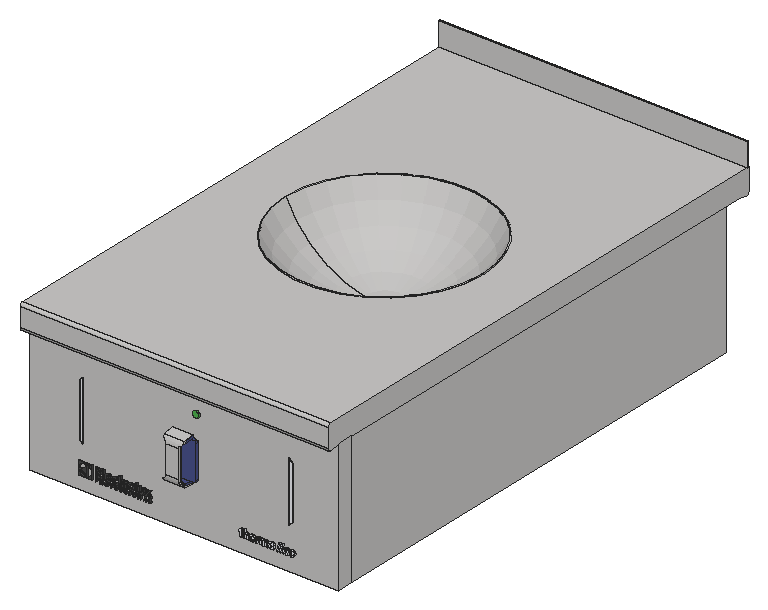
Revit family "QF_ELECTROLUXPROFESSIONAL_588511_MBIHBBEOAO", category Attrezzature speciali, Revit 2020
Family settings
  Quota connettore circolare = Usa diametro
  Tipo di parte = Normale
  Basato su piano di lavoro = No
  Sempre verticale = Sì
  Taglio con vuoti quando caricato = No
  Condiviso = No
  Punto di calcolo locali = No
Parameters (values of type "Standard")
  Weight = 16.00 kg
  Watts = 5000 W
  Volts = 400 V
  URL Manufacturer = "https://www.electroluxprofessional.com/"
  URL = "https://www.electroluxprofessional.com/"
  Steam Supply Size = 0"
  Steam Supply Minimum Pressure = 0.00 psi
  Steam Supply Maximum Pressure = 0.00 psi
  Steam Consumption per Hour = 0
  Refrigeration Suction Line Size = 0 mm
  Refrigeration Liquid Line Size = 0 mm
  Refrigerant Compressor Remote = yes
  Prospetto di default = 0 mm
  Phase = 3
  Modello = "MBIHBBEOAO"
  Produttore = "Electrolux Professional"
  Length Actual = 500 mm  # constant formula
  Item Number = "588511"
  Hot Water Size = 0"
  Height Actual = 250 mm  # constant formula
  HP = "6.7 HP"
  Gas Size = 0"
  Gas KW = 0
  Gas Input Pressure = 0.0 Btu/h
  Direct Waste Size = 0"
  Descrizione = "INDUCTION WOK,1 ZONE,1S,BSPL,500X850X250"
  Depth Actual = 850 mm  # constant formula
  Cycle = 50 Hz
  Condensate Return Size = 0"
  Compressed Air Volume = 0 GPM
  Compressed Air Size = 0"
  Compressed Air Pressure = 0.00 psi
  Cold Water Size = 0"
  Accessory = yes
Reference planes
  plane 1 "BACK": y = 0
  plane 2: z = 0
  plane 3 "LEFT": x = 0
  plane 4 "RIGHT": x = 500
  plane 5 "FRONT": y = -850
  plane 6 "TOP": z = 900
  plane 7 "Center (Left/Right)": x = 250
  plane 8 "Center (Back/Front)": y = -425
  plane 9: y = -150
  plane 10: x = 50
  plane 11: x = 450
  plane 12: y = -100
  plane 13: y = -750
  plane 14 "EIx": x = 455
  plane 15 "EIy": y = -635
  plane 16: z = 938
  plane 17 "BaseTop": z = 650
  plane 18: y = -805
  plane 19 "CenterWok": z = 960
Forms (mm)
  Extrusion 1, solid, material "QF_Finishes_Stainless Steel"
    sketch origin (-178.969, -4572, 100) x (-1, 0, 0) y (0, -1, 0)
      loop
        line (-178.969, -4527) -> (-178.969, -3767) -> (-678.969, -3767) -> (-678.969, -4527) -> (-178.969, -4527)
    from 550 to 762.969
  Extrusion 2, solid, material "QF_Finishes_Stainless Steel"
    sketch origin (0, 0, 650) x (-1, 0, 0) y (0, -1, 0)
      loop
        circle (-455, 635) r 6.35
    from 0 to -11.851
  Extrusion 3, solid, material "QF_Finishes_Stainless Steel"
    sketch origin (250, 296.4, 1219.2) x (0, 1, 0) y (0, 0, 1)
      loop
        line (-296.4, -319.2) -> (-1141.4, -319.2)
        arc (-1141.4, -319.2) -> (-1144.935, -320.664) -> (-1146.4, -324.2) r 5
        line (-1146.4, -324.2) -> (-1146.4, -355.2)
        arc (-1146.4, -355.2) -> (-1144.971, -358.264) -> (-1141.705, -359.139) r 4
        line (-1141.705, -359.139) -> (-1126.4, -356.231) -> (-316.4, -356.231) -> (-301.094, -359.139)
        arc (-301.094, -359.139) -> (-297.829, -358.264) -> (-296.4, -355.2) r 4
        line (-296.4, -355.2) -> (-296.4, -319.2)
    from -250 to 250
  Extrusion 4, solid, material "QF_Finishes_Stainless Steel"
    sketch origin (250, 296.4, 1219.2) x (0, 1, 0) y (0, 0, 1)
      loop
        line (-296.4, -319.2) -> (-296.4, -281.2) -> (-298.4, -281.2) -> (-298.4, -319.2) -> (-296.4, -319.2)
    from 250 to -250
  Revolve 5, void
    sketch origin (0, -425, 0) x (-1, 0, 0) y (0, 0, 1)
      loop
        line (-250, 900) -> (-250, 796.046)
        arc (-250, 796.046) -> (-154.368, 824.304) -> (-89.452, 900) r 175.954
        line (-89.452, 900) -> (-250, 900)
      axis (-250, 900) -> (-250, 796.046)
    angle from 0 to 360
  Revolve 6, solid, material "QF_Finishes_Stainless Steel"
    sketch origin (0, -425, 0) x (-1, 0, 0) y (0, 0, 1)
      loop
        arc (-90.643, 900) -> (-155.214, 825.214) -> (-250, 797.321) r 175
        line (-250, 797.321) -> (-250, 796.321)
        arc (-250, 796.321) -> (-154.482, 824.496) -> (-89.546, 900) r 176
        line (-89.546, 900) -> (-90.643, 900)
      axis (-250, 796.321) -> (-250, 900)
    angle from 0 to 360
Cuts and joins
  Revolve 5 cuts Extrusion 3
  Revolve 5 cuts Extrusion 1
Lines and regions (mm)
  symbolic lines
    curve 1: line (0, 0, 100) -> (500, 0, 100)
    curve 2: line (0, -850, 100) -> (0, 0, 100)
    curve 3: line (500, -850, 100) -> (0, -850, 100)
    curve 4: line (500, 0, 100) -> (500, -850, 100)
    curve 5: line (0, -2, 0) -> (500, -2, 0)
    curve 6: circle (250, -425, 0) r 160 normal (0, 0, 1)
Dimensions and locks
  plane 3 "LEFT" to plane 4 "RIGHT" = 500 mm
  locked: plane 5 "FRONT" to plane 1 "BACK" at 850
  equal spacing: plane 3 "LEFT", plane 7 "Center (Left/Right)", plane 4 "RIGHT"
  equal spacing: plane 5 "FRONT", plane 8 "Center (Back/Front)", plane 1 "BACK"
  plane 6 "TOP" to level = 900 mm  (x2)
  plane 1 "BACK" to plane 9 = 150 mm
  plane 1 "BACK" to Extrusion 2 = 635 mm
  locked: plane 14 "EIx" to plane 4 "RIGHT" at 45
  locked: plane 15 "EIy" to plane 1 "BACK" at 635
  plane 16 to plane 6 "TOP" = 38 mm
  locked: plane 12 to plane 1 "BACK" at 100
  locked: plane 5 "FRONT" to plane 13 at 100
  plane 3 "LEFT" to plane 10 = 50 mm
  plane 11 to plane 4 "RIGHT" = 50 mm
  locked: plane 6 "TOP" to plane 17 "BaseTop" at 250
  locked: plane 18 to plane 5 "FRONT" at 45
  plane 19 "CenterWok" to plane 6 "TOP" = 60 mm
  aligned and locked: level to plane 2
  aligned and locked: nested 1 to plane 18
  aligned and locked: Extrusion 1 to plane 18
  aligned and locked: Extrusion 4 to plane 3 "LEFT"
  aligned and locked: Extrusion 4 to plane 4 "RIGHT"
  aligned and locked: plane 3 "LEFT" to nested 1
Automatic sketch dimensions
  Extrusion 3 sketch curve to plane 5 "FRONT" = 0 mm
  Extrusion 3 sketch curve to plane 6 "TOP" = 0 mm
  Extrusion 3 sketch curve to plane 1 "BACK" = 0 mm
  Extrusion 3 sketch curve to plane 5 "FRONT" = 4 mm
  Extrusion 3 sketch curve to Extrusion 3 sketch curve = 0.695 mm
  Extrusion 3 sketch curve to plane 5 "FRONT" = 5 mm
  Extrusion 3 sketch curve to Extrusion 3 sketch curve = 15.305 mm
  plane 1 "BACK" to Extrusion 3 sketch curve = 20 mm
  plane 1 "BACK" to Extrusion 3 sketch curve = 4.695 mm
  Extrusion 3 sketch curve to Extrusion 3 sketch curve = 4 mm
  Extrusion 3 sketch curve to Extrusion 3 sketch curve = 31 mm
  Extrusion 3 sketch curve to plane 6 "TOP" = 36 mm
  Extrusion 3 sketch curve to Extrusion 3 sketch curve = 2.909 mm
  Extrusion 1 sketch curve to plane 4 "RIGHT" = 0 mm
  Extrusion 1 sketch curve to plane 3 "LEFT" = 0 mm
  plane 1 "BACK" to Extrusion 1 sketch curve = 45 mm
  plane 1 "BACK" to curve 1 = 0 mm
  curve 1 to plane 4 "RIGHT" = 0 mm
  curve 2 to plane 3 "LEFT" = 0 mm
  plane 5 "FRONT" to curve 3 = 0 mm
  Extrusion 2 sketch curve to plane 14 "EIx" = 0 mm
  Extrusion 2 sketch curve to plane 15 "EIy" = 0 mm
  Extrusion 1 sketch curve to plane 5 "FRONT" = 45 mm
  Extrusion 4 sketch curve to plane 6 "TOP" = 0 mm
  Extrusion 4 sketch curve to plane 16 = 0 mm
  Extrusion 4 sketch curve to plane 1 "BACK" = 0 mm
  Extrusion 4 sketch curve to Extrusion 4 sketch curve = 2 mm
  curve 5 to plane 3 "LEFT" = 0 mm
  curve 6 to plane 7 "Center (Left/Right)" = 0 mm
  curve 5 to plane 4 "RIGHT" = 0 mm
  curve 6 to plane 8 "Center (Back/Front)" = 0 mm
  plane 1 "BACK" to curve 5 = 2 mm
  Revolve 5 sketch curve to plane 7 "Center (Left/Right)" = 0 mm  (x2)
  Revolve 5 sketch curve to Revolve 5 sketch curve = 170 mm
  plane 3 "LEFT" to Revolve 5 sketch curve = 89.452 mm
  Revolve 6 sketch curve to Revolve 6 sketch curve = 0 mm  (x2)
  Revolve 6 sketch curve to plane 7 "Center (Left/Right)" = 0 mm  (x2)
  Revolve 6 sketch curve to plane 6 "TOP" = 0 mm
  Revolve 6 sketch curve to plane 10 = 40.643 mm
  Revolve 6 sketch curve to Revolve 6 sketch curve = 1.098 mm
  Revolve 6 sketch curve to plane 6 "TOP" = 102.679 mm
  Revolve 6 sketch curve to Revolve 6 sketch curve = 3.331 mm
  plane 16 to Revolve 6 sketch curve = 2.653 mm
  Revolve 5 sketch curve to plane 6 "TOP" = 0 mm
  plane 19 "CenterWok" to Revolve 5 sketch curve = 12 mm
  Revolve 5 sketch curve to Revolve 5 sketch curve = 0 mm
  radius of Extrusion 2 sketch curve = 6.35 mm
  radius of curve 6 = 160 mm
Nested families
  nested 1: "Front_Panel_W500_Center Knobs_Spie" at (52.376, -805, 0), type "Front_Panel_W500_Center Knobs_Spie"
Connectors
  electrical at (455, -635, 638.149)
    settings: on Extrusion 2, index 1, voltage 400 V, apparent load 33000 VA, apparent load phase1 0 VA, apparent load phase2 0 VA, apparent load phase3 0 VA, power factor 1, load classification "Other", number of poles 1, system type 30, power factor state 1, is connector primary yes, connector utility no, sub classification motor no, connector description "ELECTRICAL CONNECTION"
Definition of nested family "Front_Panel_W500_Center Knobs_Spie"
  Parameters
    Default Elevation = 0 mm
  Reference planes
    plane 1 "Center (Front/Back)": y = 0
    plane 2: z = 0
    plane 3 "Center (Left/Right)": x = 197.624
    plane 4 "Left": x = -52.376
    plane 5 "Right": x = 447.624
    plane 6: y = -45
    plane 7 "Panel": y = -25
  Forms (mm)
    Extrusion 1, solid
      sketch origin (833.217, 829.203, -1.25) x (0, 1, 0) y (0, 0, 1)
        loop
          line (-854.203, 651.25) -> (-829.203, 651.25) -> (-829.203, 864.25) -> (-854.203, 864.25) -> (-854.203, 651.25)
      from -885.593 to -385.593
    Extrusion 2, void
      sketch origin (0, -25, -10) x (0, 0, 1) y (-1, 0, 0)
        loop
          line (731.866, -27.624) -> (726.866, -32.624) -> (823.866, -32.624) -> (818.866, -27.624) -> (731.866, -27.624)
        loop
          line (731.866, -372.624) -> (818.866, -372.624) -> (823.866, -367.624) -> (726.866, -367.624) -> (731.866, -372.624)
      from 0 to -2
    Extrusion 3, solid
      sketch origin (230, -25, 1.163) x (0, 0, 1) y (-1, 0, 0)
        loop
          circle (824.337, 12.376) r 5
      from 0 to 1.7
    Extrusion 4, solid
      sketch origin (0, -25, -10) x (0, 0, 1) y (-1, 0, 0)
        loop
          line (731.866, -27.624) -> (726.866, -32.624) -> (823.866, -32.624) -> (818.866, -27.624) -> (731.866, -27.624)
        loop
          line (726.866, -367.624) -> (731.866, -372.624) -> (818.866, -372.624) -> (823.866, -367.624) -> (726.866, -367.624)
      from 0 to -2
  Cuts and joins
    Extrusion 2 cuts Extrusion 1
  Dimensions and locks
    equal spacing: plane 5 "Right", plane 3 "Center (Left/Right)", plane 4 "Left"
    plane 5 "Right" to plane 4 "Left" = 500 mm
    aligned and locked: cut or joined group of Extrusion 1, Extrusion 2 to plane 4 "Left"
    aligned and locked: plane 5 "Right" to cut or joined group of Extrusion 1, Extrusion 2
  Automatic sketch dimensions
    Extrusion 1 sketch curve to plane 7 "Panel" = 0 mm
    Extrusion 1 sketch curve to plane 1 "Center (Front/Back)" = 0 mm
    Extrusion 2 sketch curve to Extrusion 2 sketch curve = 5 mm  (x6)
    Extrusion 4 sketch curve to Extrusion 4 sketch curve = 5 mm  (x6)
    Extrusion 2 sketch curve to plane 5 "Right" = 80 mm
    Extrusion 4 sketch curve to plane 5 "Right" = 80 mm
    plane 4 "Left" to Extrusion 2 sketch curve = 85 mm
    plane 4 "Left" to Extrusion 4 sketch curve = 85 mm
    level to Extrusion 1 sketch curve = 650 mm
    Extrusion 1 sketch curve to Extrusion 1 sketch curve = 213 mm
    level to Extrusion 2 sketch curve = 716.866 mm
    Extrusion 2 sketch curve to Extrusion 2 sketch curve = 0 mm
    Extrusion 2 sketch curve to Extrusion 2 sketch curve = 87 mm  (x2)
    level to Extrusion 3 sketch curve = 825.5 mm
    level to Extrusion 4 sketch curve = 716.866 mm
    Extrusion 4 sketch curve to Extrusion 4 sketch curve = 0 mm
    Extrusion 4 sketch curve to Extrusion 4 sketch curve = 87 mm  (x2)
    plane 3 "Center (Left/Right)" to Extrusion 3 sketch curve = 20 mm
    radius of Extrusion 3 sketch curve = 5 mm
  Nested families
    nested 1: "Range Control Handle" at (197.624, -28.137, -209.113) x (-1, 0, 0) z (0, 0, 1), type "Range Control Handle"
    nested 2: "ELX_ThermaLine_Small" at (328.825, -25, 679.391) x (1, 0, 0) z (0, -1, 0), type "ELX_ThermaLine_Small"
      with Show Logo yes, Material_Logo none
    nested 3: "ELX_Professional_Logo_Small" at (87.097, -25, 681.624) x (1, 0, 0) z (0, -1, 0), type "ELX_Professional_Logo_Small"
      with Show Logo yes, Material_Logo none
  Definition of nested family "Range Control Handle"
    Parameters
      Default Elevation = 0 mm
    Reference planes
      plane 1 "Center (Front/Back)": y = 0
      plane 2: z = 0
      plane 3 "Center (Left/Right)": x = 0
      plane 4: z = 971.092
      plane 5: y = -16.9
    Forms (mm)
      Extrusion 1, solid
        sketch origin (-746.28, 380.497, 208.931) x (-1, 0, 0) y (0, 0, 1)
          loop
            line (-770.101, 786.798) -> (-770.101, 731.649)
            arc (-770.101, 731.649) -> (-769.759, 730.563) -> (-768.855, 729.87) r 1.893
            line (-768.855, 729.87) -> (-763.474, 727.911) -> (-729.81, 727.911) -> (-724.428, 729.87)
            arc (-724.428, 729.87) -> (-723.525, 730.563) -> (-723.183, 731.649) r 1.893
            line (-723.183, 731.649) -> (-723.183, 786.798)
            arc (-723.183, 786.798) -> (-723.529, 787.894) -> (-724.44, 788.593) r 1.91
            line (-724.44, 788.593) -> (-729.683, 790.819) -> (-763.601, 790.819) -> (-768.844, 788.593)
            arc (-768.844, 788.593) -> (-769.755, 787.894) -> (-770.101, 786.798) r 1.91
        from -382.35 to -378.852
      Sweep 2, solid
        path origin (-746.788, 380.496, 208.091) x (0, -1, 0) y (0, 0, 1)
          loop
            line (379.775, 793.281) -> (395.661, 791.048)
            arc (395.661, 791.048) -> (397.781, 787.377) -> (398.517, 783.202) r 12.207
            line (398.517, 783.202) -> (398.517, 737.368)
            arc (398.517, 737.368) -> (397.781, 733.193) -> (395.661, 729.522) r 12.207
            line (395.661, 729.522) -> (379.775, 727.289)
        profile origin (-746.788, -7.222, 1000.256) x (0, -0.139173, 0.990268) y (-1, 0, 0)
          loop
            line (0.782, -763.123) -> (0.782, -730.907) -> (-1.322, -730.907) -> (-1.322, -763.123) -> (0.782, -763.123)
      Sweep 3, solid
        path origin (-746.788, 380.715, 207.832) x (0, -1, 0) y (0, 0, 1)
          loop
            line (380.478, 795.442) -> (397.218, 793.09)
            arc (397.218, 793.09) -> (399.929, 788.473) -> (400.871, 783.202) r 15.207
            line (400.871, 783.202) -> (400.871, 737.584)
            arc (400.871, 737.584) -> (399.914, 732.274) -> (397.164, 727.633) r 15.207
            line (397.164, 727.633) -> (380.601, 725.305)
        profile origin (-746.788, -8.132, 1002.099) x (0, -0.139173, 0.990268) y (-1, 0, 0)
          loop
            line (0.782, -763.123) -> (0.782, -730.907) -> (-1.322, -730.907) -> (-1.322, -763.123) -> (0.782, -763.123)
      Extrusion 4, void
        sketch origin (889.253, 220.666, 207.993) x (1, 0, 0) y (0, 0, 1)
          loop
            line (-943.038, 816.854) -> (-943.038, 703.686) -> (-899.466, 734.196) -> (-899.466, 786.344) -> (-943.038, 816.854)
        from 230.636 to 242.25
      Extrusion 5, void
        sketch origin (-888.8, 220.666, 207.993) x (-1, 0, 0) y (0, 0, -1)
          loop
            line (-943.038, -816.854) -> (-899.466, -786.344) -> (-899.466, -734.196) -> (-943.038, -703.686) -> (-943.038, -816.854)
        from 230.636 to 242.25
      Extrusion 6, solid
        sketch origin (0, 0, 0) x (1, 0, 0) y (0, 0, 1)
          loop
            circle (0, 971.092) r 7.736
        from -3.137 to -1.645
    Cuts and joins
      Extrusion 4, Extrusion 5 cuts Sweep 3
      Extrusion 4, Extrusion 5 cuts Sweep 2
      joined: Extrusion 1, Extrusion 6
    Lines and regions (mm)
      symbolic lines
        curve 1: line (16.334, -16.9, 0) -> (16.334, -19.227, 0)
        curve 2: spline (16.334, -19.227, 0) -> (15.87, -19.385, 0) -> (15.404, -19.536, 0) -> (14.936, -19.678, 0) -> (14.466, -19.813, 0) -> (13.995, -19.94, 0) -> (13.523, -20.059, 0) -> (13.049, -20.171, 0) -> (12.575, -20.274, 0) -> (12.099, -20.37, 0) -> (11.622, -20.458, 0) -> (11.144, -20.537, 0) -> (10.666, -20.609, 0)
        curve 3: line (10.666, -16.9, 0) -> (10.666, -20.938, 0)
        curve 4: line (-10.213, -20.938, 0) -> (10.666, -20.938, 0)
        curve 5: line (-10.213, -20.938, 0) -> (-10.213, -16.9, 0)
        curve 6: spline (-10.213, -20.609, 0) -> (-10.691, -20.537, 0) -> (-11.169, -20.458, 0) -> (-11.646, -20.37, 0) -> (-12.122, -20.274, 0) -> (-12.597, -20.171, 0) -> (-13.07, -20.059, 0) -> (-13.542, -19.94, 0) -> (-14.013, -19.813, 0) -> (-14.483, -19.678, 0) -> (-14.951, -19.536, 0) -> (-15.417, -19.385, 0) -> (-15.881, -19.227, 0)
        curve 7: line (-15.881, -19.227, 0) -> (-15.881, -16.9, 0)
  Definition of nested family "ELX_ThermaLine_Small"
    Parameters
      Show Logo [instance] = yes
      Material_Logo [instance] = none
      Default Elevation = 0 mm
    Reference planes
      plane 1 "Centro (Fronte/Retro)": y = 0
      plane 2: z = 0
      plane 3 "Centro (Sinistra/Destra)": x = 0
    Forms (mm)
      Extrusion 1, solid
        sketch origin (0, 0, 0) x (1, 0, 0) y (0, 1, 0)
          loop
            line (-1219.2, 1219.2) -> (-1219.2, -1219.2) -> (1219.2, -1219.2) -> (1219.2, 1219.2) -> (-1219.2, 1219.2)
        from 0 to -304.8
      Extrusion 2, solid
        sketch origin (0, 0, 0) x (1, 0, 0) y (0, 1, 0)
          loop
            line (-37.494, 1.229) -> (-35.908, 1.229) -> (-35.908, 3.066) -> (-37.494, 3.066) -> (-37.494, 6.221) -> (-39.867, 4.881) -> (-39.867, 3.066) -> (-40.969, 3.066) -> (-40.969, 1.229) -> (-39.867, 1.229) -> (-39.867, -3.407)
            arc (-39.867, -3.407) -> (-38.982, -5.513) -> (-36.751, -6.001) r 2.478
            line (-36.751, -6.001) -> (-35.638, -5.7) -> (-35.9, -3.835) -> (-36.661, -4.039)
            arc (-36.661, -4.039) -> (-37.236, -3.924) -> (-37.494, -3.399) r 0.662
            line (-37.494, -3.399) -> (-37.494, 1.229)
          loop
            line (-34.242, 6.539) -> (-34.242, -5.848) -> (-31.854, -5.848) -> (-31.854, -0.078)
            arc (-31.854, -0.078) -> (-30.939, 1.249) -> (-29.33, 1.367) r 1.866
            arc (-29.33, 1.367) -> (-28.695, 0.768) -> (-28.461, -0.073) r 1.627
            line (-28.461, -0.073) -> (-28.461, -5.848) -> (-26.086, -5.848) -> (-26.064, -0.46)
            arc (-26.064, -0.46) -> (-26.261, 0.932) -> (-26.786, 2.237) r 5.825
            arc (-26.786, 2.237) -> (-29.381, 3.264) -> (-31.854, 1.971) r 3.353
            line (-31.854, 1.971) -> (-31.854, 6.539) -> (-34.242, 6.539)
          loop
            arc (-18.398, -0.598) -> (-18.893, 0.879) -> (-20.326, 1.487) r 1.897
            arc (-20.326, 1.487) -> (-21.461, 0.708) -> (-21.897, -0.598) r 2.164
            line (-21.897, -0.598) -> (-18.398, -0.598)
          loop
            arc (-16.021, -2.044) -> (-16.754, 1.227) -> (-19.444, 3.226) r 4.814
            arc (-19.444, 3.226) -> (-22.137, 2.788) -> (-23.943, 0.743) r 4.054
            arc (-23.943, 0.743) -> (-24.382, -1.249) -> (-24.162, -3.276) r 6.289
            arc (-24.162, -3.276) -> (-23.302, -4.71) -> (-21.958, -5.705) r 4.28
            arc (-21.958, -5.705) -> (-18.558, -5.814) -> (-16.152, -3.409) r 4.28
            line (-16.152, -3.409) -> (-18.5, -2.995)
            arc (-18.5, -2.995) -> (-19.273, -3.994) -> (-20.533, -4.076) r 1.536
            arc (-20.533, -4.076) -> (-21.56, -3.281) -> (-21.958, -2.044) r 2.197
            line (-21.958, -2.044) -> (-16.021, -2.044)
          loop
            line (-14.165, -5.848) -> (-11.819, -5.848) -> (-11.819, -2.138)
            arc (-11.819, -2.138) -> (-11.787, -1.156) -> (-11.637, -0.185) r 8.18
            arc (-11.637, -0.185) -> (-10.644, 0.972) -> (-9.132, 0.776) r 1.603
            line (-9.132, 0.776) -> (-8.419, 2.846)
            arc (-8.419, 2.846) -> (-10.432, 3.118) -> (-11.994, 1.821) r 2.527
            line (-11.994, 1.821) -> (-11.994, 3.094) -> (-14.165, 3.094) -> (-14.165, -5.848)
          loop
            line (-7.579, 3.094) -> (-7.579, -5.848) -> (-5.178, -5.848) -> (-5.178, -0.756)
            arc (-5.178, -0.756) -> (-4.727, 0.679) -> (-3.417, 1.419) r 2.05
            arc (-3.417, 1.419) -> (-2.499, 0.908) -> (-2.155, -0.085) r 1.471
            line (-2.155, -0.085) -> (-2.155, -5.848) -> (0.23, -5.848) -> (0.23, -1.001)
            arc (0.23, -1.001) -> (0.47, 0.127) -> (1.148, 1.061) r 2.775
            arc (1.148, 1.061) -> (2.225, 1.329) -> (3.05, 0.587) r 1.182
            arc (3.05, 0.587) -> (3.199, -0.019) -> (3.214, -0.642) r 2.894
            line (3.214, -0.642) -> (3.214, -5.848) -> (5.601, -5.848) -> (5.601, 0.261)
            arc (5.601, 0.261) -> (4.87, 2.263) -> (2.976, 3.241) r 2.932
            arc (2.976, 3.241) -> (1.284, 2.973) -> (-0.047, 1.896) r 3.309
            arc (-0.047, 1.896) -> (-1.116, 2.865) -> (-2.506, 3.258) r 3.16
            arc (-2.506, 3.258) -> (-4.105, 2.942) -> (-5.376, 1.92) r 3.419
            line (-5.376, 1.92) -> (-5.376, 3.094) -> (-7.579, 3.094)
          loop
            line (7.583, 0.738) -> (9.702, 0.364)
            arc (9.702, 0.364) -> (11.441, 1.492) -> (12.855, -0.023) r 1.613
            line (12.855, -0.023) -> (9.782, -0.789)
            arc (9.782, -0.789) -> (8.559, -1.346) -> (7.617, -2.305) r 3.687
            arc (7.617, -2.305) -> (7.499, -3.681) -> (7.901, -5.003) r 3.651
            arc (7.901, -5.003) -> (9.107, -5.766) -> (10.515, -6.006) r 3.635
            arc (10.515, -6.006) -> (11.898, -5.697) -> (13.067, -4.895) r 3.734
            line (13.067, -4.895) -> (13.376, -5.848) -> (15.75, -5.848) -> (15.212, -4.193) -> (15.212, 0.38)
            arc (15.212, 0.38) -> (14.897, 1.849) -> (13.818, 2.895) r 2.585
            arc (13.818, 2.895) -> (11.792, 3.442) -> (9.719, 3.11) r 5.005
            arc (9.719, 3.11) -> (8.369, 2.178) -> (7.583, 0.738) r 3.54
          loop
            line (19.723, -5.848) -> (22.233, -5.848) -> (24.854, 6.484) -> (22.345, 6.484) -> (19.723, -5.848)
          loop
            line (24.583, -5.848) -> (26.953, -5.848) -> (28.848, 3.066) -> (26.478, 3.066) -> (24.583, -5.848)
          loop
            line (27.204, 6.484) -> (26.741, 4.305) -> (29.111, 4.305) -> (29.575, 6.484) -> (27.204, 6.484)
          loop
            line (29.355, -5.848) -> (31.849, -5.848) -> (33.098, 0.028)
            arc (33.098, 0.028) -> (34.169, 1.306) -> (35.832, 1.422) r 2.132
            arc (35.832, 1.422) -> (36.324, 0.752) -> (36.383, -0.078) r 1.5
            line (36.383, -0.078) -> (35.157, -5.848) -> (37.536, -5.848) -> (38.936, 0.738)
            arc (38.936, 0.738) -> (38.775, 2.091) -> (37.825, 3.066) r 2.118
            arc (37.825, 3.066) -> (35.392, 3.175) -> (33.295, 1.937) r 4.271
            line (33.295, 1.937) -> (33.535, 3.066) -> (31.25, 3.066) -> (29.355, -5.848)
          loop
            line (42.792, -0.64) -> (46.589, -0.64)
            arc (46.589, -0.64) -> (46.639, 0.124) -> (46.327, 0.823) r 1.589
            arc (46.327, 0.823) -> (45.117, 1.521) -> (43.762, 1.183) r 1.865
            arc (43.762, 1.183) -> (43.141, 0.344) -> (42.792, -0.64) r 3.538
          loop
            line (42.565, -2.138) -> (48.593, -2.138)
            arc (48.593, -2.138) -> (48.58, 0.597) -> (46.983, 2.818) r 4.494
            arc (46.983, 2.818) -> (44.191, 3.28) -> (41.725, 1.891) r 4.26
            arc (41.725, 1.891) -> (40.503, -0.3) -> (40.284, -2.799) r 6.003
            arc (40.284, -2.799) -> (40.959, -4.468) -> (42.377, -5.576) r 3.482
            arc (42.377, -5.576) -> (44.265, -5.961) -> (46.152, -5.576) r 4.823
            arc (46.152, -5.576) -> (47.432, -4.731) -> (48.328, -3.485) r 4.245
            line (48.328, -3.485) -> (46.168, -3.105)
            arc (46.168, -3.105) -> (45.214, -4.072) -> (43.859, -4.181) r 1.953
            arc (43.859, -4.181) -> (42.821, -3.408) -> (42.565, -2.138) r 1.81
          loop
            line (12.868, -1.553) -> (10.216, -2.214)
            arc (10.216, -2.214) -> (9.747, -3.136) -> (10.216, -4.058) r 1.14
            arc (10.216, -4.058) -> (11.537, -4.249) -> (12.614, -3.46) r 1.763
            arc (12.614, -3.46) -> (12.858, -2.522) -> (12.868, -1.553) r 3.97
        from 0 to 1.6
    Dimensions and locks
      aligned and locked: plane 2 to Extrusion 1
      aligned and locked: level to Extrusion 1
  Definition of nested family "ELX_Professional_Logo_Small"
    Parameters
      Show Logo [instance] = yes
      Material_Logo [instance] = none
      Default Elevation = 0 mm
    Reference planes
      plane 1 "Centro (Fronte/Retro)": y = 0
      plane 2: z = 0
      plane 3 "Centro (Sinistra/Destra)": x = 0
    Forms (mm)
      Extrusion 1, solid
        sketch origin (0, 0, 0) x (1, 0, 0) y (0, 1, 0)
          loop
            line (-1219.2, 1219.2) -> (-1219.2, -1219.2) -> (1219.2, -1219.2) -> (1219.2, 1219.2) -> (-1219.2, 1219.2)
        from 0 to -304.8
      Extrusion 2, solid, material <- "Material_Logo"
        sketch origin (15.5, 0, 0) x (1, 0, 0) y (0, 1, 0)
          loop
            spline (-42.99, -1.24) -> (-43.195, -1.231) -> (-43.415, -1.203) -> (-43.642, -1.152) -> (-43.87, -1.074) -> (-44.095, -0.966) -> (-44.309, -0.825) -> (-44.506, -0.647) -> (-44.681, -0.429) -> (-44.828, -0.167) -> (-44.94, 0.142) -> (-45.011, 0.501) -> (-45.037, 0.915)
            line (-45.037, 0.915) -> (-45.037, 2.748) -> (-38.984, 2.748) -> (-38.984, 5.086) -> (-45.038, 5.086) -> (-45.038, 8.489) -> (-38.599, 8.489) -> (-38.599, 10.82) -> (-47.515, 10.82) -> (-47.515, 1.021)
            spline (-47.515, 1.021) -> (-47.493, 0.418) -> (-47.425, -0.15) -> (-47.311, -0.682) -> (-47.15, -1.175) -> (-46.939, -1.628) -> (-46.678, -2.038) -> (-46.365, -2.404) -> (-46, -2.723) -> (-45.58, -2.995) -> (-45.105, -3.216) -> (-44.573, -3.385) -> (-43.983, -3.499)
            line (-43.983, -3.499) -> (-43.01, -3.569) -> (-38.426, -3.569) -> (-38.426, -1.24) -> (-42.99, -1.24)
          loop
            line (-36.666, 4.021) -> (-36.666, -3.573) -> (-34.188, -3.573) -> (-34.188, 10.824) -> (-36.666, 10.824) -> (-36.666, 4.021)
          loop
            spline (-21.915, 1.897) -> (-21.957, 2.615) -> (-22.082, 3.303) -> (-22.285, 3.955) -> (-22.563, 4.564) -> (-22.913, 5.124) -> (-23.331, 5.629) -> (-23.814, 6.074) -> (-24.359, 6.451) -> (-24.961, 6.755) -> (-25.618, 6.98) -> (-26.326, 7.119) -> (-27.081, 7.167)
            spline (-27.081, 7.167) -> (-27.853, 7.122) -> (-28.586, 6.99) -> (-29.275, 6.774) -> (-29.915, 6.478) -> (-30.5, 6.104) -> (-31.024, 5.657) -> (-31.483, 5.138) -> (-31.871, 4.553) -> (-32.182, 3.904) -> (-32.411, 3.194) -> (-32.552, 2.427) -> (-32.6, 1.606)
            spline (-32.6, 1.606) -> (-32.553, 0.805) -> (-32.416, 0.057) -> (-32.193, -0.637) -> (-31.887, -1.271) -> (-31.504, -1.843) -> (-31.048, -2.35) -> (-30.523, -2.788) -> (-29.934, -3.154) -> (-29.284, -3.444) -> (-28.579, -3.656) -> (-27.822, -3.785) -> (-27.019, -3.829)
            spline (-27.019, -3.829) -> (-26.627, -3.82) -> (-26.239, -3.79) -> (-25.856, -3.739) -> (-25.477, -3.663) -> (-25.103, -3.562) -> (-24.734, -3.432) -> (-24.369, -3.273) -> (-24.01, -3.082) -> (-23.655, -2.858) -> (-23.305, -2.597) -> (-22.96, -2.299) -> (-22.621, -1.962)
            line (-22.621, -1.962) -> (-24.114, -0.509)
            spline (-24.114, -0.509) -> (-24.311, -0.699) -> (-24.509, -0.872) -> (-24.71, -1.03) -> (-24.915, -1.172) -> (-25.126, -1.297) -> (-25.346, -1.407) -> (-25.576, -1.5) -> (-25.817, -1.576) -> (-26.072, -1.636) -> (-26.342, -1.678) -> (-26.629, -1.704) -> (-26.936, -1.713)
            spline (-26.936, -1.713) -> (-27.384, -1.691) -> (-27.805, -1.625) -> (-28.196, -1.518) -> (-28.556, -1.372) -> (-28.882, -1.187) -> (-29.174, -0.966) -> (-29.429, -0.71) -> (-29.645, -0.422) -> (-29.821, -0.102) -> (-29.955, 0.247) -> (-30.045, 0.623) -> (-30.089, 1.026)
            line (-30.089, 1.026) -> (-21.956, 1.026) -> (-21.915, 1.897)
          loop
            spline (-24.446, 2.769) -> (-24.47, 3.075) -> (-24.54, 3.37) -> (-24.654, 3.65) -> (-24.807, 3.913) -> (-24.996, 4.156) -> (-25.219, 4.376) -> (-25.472, 4.57) -> (-25.753, 4.736) -> (-26.057, 4.869) -> (-26.382, 4.968) -> (-26.724, 5.03) -> (-27.081, 5.051)
            spline (-27.081, 5.051) -> (-27.464, 5.03) -> (-27.832, 4.97) -> (-28.183, 4.872) -> (-28.513, 4.74) -> (-28.819, 4.577) -> (-29.099, 4.384) -> (-29.347, 4.165) -> (-29.563, 3.923) -> (-29.742, 3.659) -> (-29.881, 3.377) -> (-29.977, 3.079) -> (-30.027, 2.769)
            line (-30.027, 2.769) -> (-24.446, 2.769)
          loop
            spline (-18.167, 1.669) -> (-18.138, 2.13) -> (-18.055, 2.567) -> (-17.921, 2.978) -> (-17.739, 3.358) -> (-17.512, 3.705) -> (-17.243, 4.016) -> (-16.937, 4.287) -> (-16.596, 4.517) -> (-16.223, 4.7) -> (-15.823, 4.835) -> (-15.398, 4.919) -> (-14.951, 4.947)
            spline (-14.951, 4.947) -> (-14.677, 4.938) -> (-14.414, 4.913) -> (-14.162, 4.871) -> (-13.921, 4.812) -> (-13.69, 4.738) -> (-13.467, 4.649) -> (-13.254, 4.544) -> (-13.048, 4.424) -> (-12.85, 4.291) -> (-12.659, 4.143) -> (-12.474, 3.981) -> (-12.295, 3.806)
            line (-12.295, 3.806) -> (-10.76, 5.403)
            spline (-10.76, 5.403) -> (-11.065, 5.709) -> (-11.38, 5.984) -> (-11.703, 6.228) -> (-12.035, 6.443) -> (-12.375, 6.63) -> (-12.723, 6.788) -> (-13.078, 6.92) -> (-13.44, 7.026) -> (-13.809, 7.107) -> (-14.184, 7.164) -> (-14.564, 7.198) -> (-14.951, 7.209)
            spline (-14.951, 7.209) -> (-15.725, 7.161) -> (-16.467, 7.02) -> (-17.169, 6.792) -> (-17.826, 6.482) -> (-18.43, 6.096) -> (-18.976, 5.637) -> (-19.455, 5.112) -> (-19.862, 4.525) -> (-20.19, 3.882) -> (-20.433, 3.189) -> (-20.584, 2.449) -> (-20.635, 1.669)
            spline (-20.635, 1.669) -> (-20.584, 0.889) -> (-20.433, 0.149) -> (-20.19, -0.545) -> (-19.862, -1.187) -> (-19.455, -1.774) -> (-18.976, -2.299) -> (-18.43, -2.758) -> (-17.826, -3.145) -> (-17.169, -3.454) -> (-16.467, -3.682) -> (-15.725, -3.823) -> (-14.951, -3.871)
            spline (-14.951, -3.871) -> (-14.564, -3.86) -> (-14.184, -3.826) -> (-13.809, -3.77) -> (-13.44, -3.689) -> (-13.078, -3.583) -> (-12.723, -3.451) -> (-12.375, -3.292) -> (-12.035, -3.105) -> (-11.703, -2.89) -> (-11.38, -2.646) -> (-11.065, -2.371) -> (-10.76, -2.066)
            line (-10.76, -2.066) -> (-12.295, -0.468)
            spline (-12.295, -0.468) -> (-12.474, -0.643) -> (-12.659, -0.805) -> (-12.85, -0.953) -> (-13.048, -1.087) -> (-13.254, -1.206) -> (-13.467, -1.311) -> (-13.69, -1.4) -> (-13.921, -1.475) -> (-14.162, -1.533) -> (-14.414, -1.575) -> (-14.677, -1.6) -> (-14.951, -1.609)
            spline (-14.951, -1.609) -> (-15.398, -1.581) -> (-15.823, -1.497) -> (-16.223, -1.362) -> (-16.596, -1.179) -> (-16.937, -0.95) -> (-17.243, -0.678) -> (-17.512, -0.367) -> (-17.739, -0.02) -> (-17.921, 0.36) -> (-18.055, 0.771) -> (-18.138, 1.208) -> (-18.167, 1.669)
          loop
            spline (-4.441, -1.243) -> (-4.659, -1.247) -> (-4.894, -1.23) -> (-5.137, -1.19) -> (-5.384, -1.121) -> (-5.628, -1.021) -> (-5.864, -0.884) -> (-6.084, -0.708) -> (-6.283, -0.488) -> (-6.454, -0.219) -> (-6.592, 0.101) -> (-6.69, 0.478) -> (-6.742, 0.914)
            line (-6.742, 0.914) -> (-6.742, 4.587) -> (-4.487, 4.587) -> (-4.487, 6.838) -> (-6.738, 6.838) -> (-6.738, 10.824) -> (-9.217, 10.824) -> (-9.217, 0.773)
            spline (-9.217, 0.773) -> (-9.164, 0.19) -> (-9.068, -0.358) -> (-8.928, -0.87) -> (-8.742, -1.343) -> (-8.511, -1.777) -> (-8.232, -2.168) -> (-7.904, -2.515) -> (-7.527, -2.816) -> (-7.098, -3.069) -> (-6.618, -3.273) -> (-6.084, -3.426) -> (-5.496, -3.525)
            line (-5.496, -3.525) -> (-4.45, -3.573) -> (-4.441, -1.243)
          loop
            spline (3.898, 6.983) -> (3.469, 7.009) -> (3.056, 7.001) -> (2.661, 6.961) -> (2.283, 6.888) -> (1.925, 6.785) -> (1.588, 6.652) -> (1.272, 6.49) -> (0.979, 6.301) -> (0.71, 6.085) -> (0.465, 5.844) -> (0.247, 5.578) -> (0.056, 5.289)
            line (0.056, 5.289) -> (0.056, 6.838) -> (-2.402, 6.838) -> (-2.402, -3.572) -> (0.056, -3.572) -> (0.056, 1.901)
            spline (0.056, 1.901) -> (0.079, 2.316) -> (0.145, 2.703) -> (0.254, 3.06) -> (0.404, 3.386) -> (0.592, 3.679) -> (0.818, 3.938) -> (1.08, 4.162) -> (1.375, 4.348) -> (1.703, 4.495) -> (2.062, 4.602) -> (2.45, 4.668) -> (2.865, 4.69)
            line (2.865, 4.69) -> (3.898, 4.586) -> (3.898, 6.983)
          loop
            spline (15.638, 1.633) -> (15.586, 2.396) -> (15.435, 3.124) -> (15.192, 3.81) -> (14.863, 4.449) -> (14.455, 5.034) -> (13.975, 5.56) -> (13.43, 6.021) -> (12.826, 6.411) -> (12.17, 6.724) -> (11.469, 6.955) -> (10.729, 7.098) -> (9.958, 7.147)
            spline (9.958, 7.147) -> (9.182, 7.098) -> (8.44, 6.955) -> (7.737, 6.724) -> (7.081, 6.411) -> (6.477, 6.021) -> (5.933, 5.56) -> (5.454, 5.034) -> (5.048, 4.449) -> (4.721, 3.81) -> (4.479, 3.124) -> (4.329, 2.396) -> (4.277, 1.633)
            spline (4.277, 1.633) -> (4.329, 0.869) -> (4.479, 0.141) -> (4.721, -0.544) -> (5.048, -1.183) -> (5.454, -1.768) -> (5.933, -2.294) -> (6.477, -2.755) -> (7.081, -3.145) -> (7.737, -3.459) -> (8.44, -3.69) -> (9.182, -3.833) -> (9.958, -3.882)
            spline (9.958, -3.882) -> (10.729, -3.833) -> (11.469, -3.69) -> (12.17, -3.459) -> (12.826, -3.145) -> (13.43, -2.755) -> (13.975, -2.294) -> (14.455, -1.768) -> (14.863, -1.183) -> (15.192, -0.544) -> (15.435, 0.141) -> (15.586, 0.869) -> (15.638, 1.633)
          loop
            spline (13.18, 1.633) -> (13.151, 2.083) -> (13.067, 2.513) -> (12.932, 2.918) -> (12.748, 3.296) -> (12.52, 3.642) -> (12.251, 3.954) -> (11.943, 4.227) -> (11.601, 4.459) -> (11.228, 4.645) -> (10.828, 4.782) -> (10.403, 4.867) -> (9.958, 4.896)
            spline (9.958, 4.896) -> (9.509, 4.867) -> (9.081, 4.782) -> (8.679, 4.645) -> (8.306, 4.459) -> (7.964, 4.227) -> (7.658, 3.954) -> (7.39, 3.642) -> (7.163, 3.296) -> (6.981, 2.918) -> (6.847, 2.513) -> (6.765, 2.083) -> (6.736, 1.633)
            spline (6.736, 1.633) -> (6.765, 1.182) -> (6.847, 0.753) -> (6.981, 0.347) -> (7.163, -0.031) -> (7.39, -0.377) -> (7.658, -0.689) -> (7.964, -0.962) -> (8.306, -1.193) -> (8.679, -1.38) -> (9.081, -1.517) -> (9.509, -1.602) -> (9.958, -1.631)
            spline (9.958, -1.631) -> (10.403, -1.602) -> (10.828, -1.517) -> (11.228, -1.38) -> (11.601, -1.193) -> (11.943, -0.962) -> (12.251, -0.689) -> (12.52, -0.377) -> (12.748, -0.031) -> (12.932, 0.347) -> (13.067, 0.753) -> (13.151, 1.182) -> (13.18, 1.633)
          loop
            line (17.162, 4.269) -> (17.162, -3.573) -> (19.642, -3.573) -> (19.642, 10.824) -> (17.162, 10.824) -> (17.162, 4.269)
          loop
            line (28.581, 6.838) -> (28.581, 0.786)
            spline (28.581, 0.786) -> (28.561, 0.393) -> (28.503, 0.038) -> (28.409, -0.279) -> (28.281, -0.559) -> (28.122, -0.802) -> (27.933, -1.011) -> (27.717, -1.185) -> (27.476, -1.325) -> (27.213, -1.433) -> (26.929, -1.509) -> (26.626, -1.554) -> (26.308, -1.569)
            spline (26.308, -1.569) -> (25.99, -1.554) -> (25.688, -1.509) -> (25.404, -1.434) -> (25.141, -1.326) -> (24.9, -1.187) -> (24.684, -1.014) -> (24.496, -0.807) -> (24.336, -0.565) -> (24.209, -0.288) -> (24.115, 0.026) -> (24.057, 0.376) -> (24.037, 0.765)
            line (24.037, 0.765) -> (24.037, 6.838) -> (21.537, 6.838) -> (21.537, 0.558)
            spline (21.537, 0.558) -> (21.581, -0.153) -> (21.71, -0.8) -> (21.916, -1.384) -> (22.195, -1.904) -> (22.54, -2.362) -> (22.944, -2.757) -> (23.403, -3.09) -> (23.909, -3.362) -> (24.456, -3.572) -> (25.04, -3.722) -> (25.652, -3.811) -> (26.288, -3.841)
            spline (26.288, -3.841) -> (26.929, -3.811) -> (27.547, -3.72) -> (28.135, -3.568) -> (28.687, -3.355) -> (29.197, -3.079) -> (29.66, -2.741) -> (30.068, -2.341) -> (30.415, -1.877) -> (30.696, -1.349) -> (30.905, -0.757) -> (31.034, -0.101) -> (31.079, 0.621)
            line (31.079, 0.621) -> (31.079, 6.838) -> (28.581, 6.838)
          loop
            line (40.457, -0.243) -> (38.894, 1.942) -> (40.83, 4.579) -> (42.488, 6.837) -> (39.782, 6.837) -> (37.53, 3.719) -> (35.258, 6.837) -> (32.573, 6.837) -> (34.113, 4.731) -> (36.167, 1.922) -> (34.014, -1.076) -> (32.222, -3.573) -> (34.887, -3.573) -> (37.53, 0.104) -> (40.174, -3.573) -> (42.839, -3.573) -> (40.457, -0.243)
          loop
            line (-46.121, -5.837) -> (-48.039, -5.837) -> (-48.039, -10.814) -> (-47.016, -10.814) -> (-47.016, -9.128) -> (-46.121, -9.128)
            arc (-46.121, -9.128) -> (-44.476, -7.482) -> (-46.121, -5.837) r 1.645
          loop
            line (-46.163, -6.778) -> (-47.016, -6.778) -> (-47.016, -8.187) -> (-46.163, -8.187)
            arc (-46.163, -8.187) -> (-45.458, -7.482) -> (-46.163, -6.778) r 0.704
          loop
            line (-38.313, -5.837) -> (-40.265, -5.837) -> (-40.265, -10.814) -> (-39.241, -10.814) -> (-39.241, -9.1) -> (-38.46, -9.182) -> (-37.48, -10.814) -> (-36.318, -10.814) -> (-37.513, -8.848)
            arc (-37.513, -8.848) -> (-36.888, -8.266) -> (-36.671, -7.441) r 1.536
            arc (-36.671, -7.441) -> (-37.165, -6.305) -> (-38.313, -5.837) r 1.643
          loop
            arc (-38.402, -8.166) -> (-37.707, -7.505) -> (-38.334, -6.778) r 0.696
            line (-38.334, -6.778) -> (-39.241, -6.778) -> (-39.241, -8.166) -> (-38.402, -8.166)
          loop
            circle (-29.965, -8.325) r 2.585
          loop
            circle (-29.965, -8.325) r 1.64
          loop
            line (-23.1, -5.837) -> (-23.1, -10.814) -> (-22.076, -10.814) -> (-22.076, -8.768) -> (-20.204, -8.768) -> (-20.204, -7.828) -> (-22.076, -7.828) -> (-22.076, -6.778) -> (-20.024, -6.778) -> (-20.024, -5.837) -> (-23.1, -5.837)
          loop
            line (-15.802, -5.837) -> (-15.802, -9.2)
            arc (-15.802, -9.2) -> (-15.343, -10.34) -> (-14.209, -10.814) r 1.593
            line (-14.209, -10.814) -> (-12.602, -10.814) -> (-12.602, -10.027) -> (-14.004, -10.027)
            arc (-14.004, -10.027) -> (-14.552, -9.8) -> (-14.779, -9.252) r 0.775
            line (-14.779, -9.252) -> (-14.779, -8.424) -> (-12.789, -8.424) -> (-12.789, -7.642) -> (-14.779, -7.642) -> (-14.779, -6.778) -> (-12.651, -6.778) -> (-12.651, -5.837) -> (-15.802, -5.837)
          loop
            line (-5.909, -7.143) -> (-5.173, -6.638)
            arc (-5.173, -6.638) -> (-5.855, -5.974) -> (-6.781, -5.755) r 1.782
            arc (-6.781, -5.755) -> (-7.397, -5.878) -> (-7.944, -6.189) r 1.974
            arc (-7.944, -6.189) -> (-8.202, -6.5) -> (-8.317, -6.888) r 1.013
            arc (-8.317, -6.888) -> (-8.306, -7.341) -> (-8.192, -7.78) r 1.985
            arc (-8.192, -7.78) -> (-7.749, -8.259) -> (-7.171, -8.563) r 1.928
            arc (-7.171, -8.563) -> (-6.637, -8.779) -> (-6.131, -9.056) r 5.041
            arc (-6.131, -9.056) -> (-5.934, -9.387) -> (-6.09, -9.74) r 0.42
            arc (-6.09, -9.74) -> (-6.631, -9.96) -> (-7.204, -9.845) r 1.016
            arc (-7.204, -9.845) -> (-7.625, -9.603) -> (-7.889, -9.196) r 1.033
            line (-7.889, -9.196) -> (-8.67, -9.686)
            arc (-8.67, -9.686) -> (-8.361, -10.198) -> (-7.908, -10.589) r 1.914
            arc (-7.908, -10.589) -> (-7.334, -10.834) -> (-6.714, -10.896) r 2.063
            arc (-6.714, -10.896) -> (-5.947, -10.743) -> (-5.256, -10.376) r 2.696
            arc (-5.256, -10.376) -> (-4.95, -9.565) -> (-5.108, -8.712) r 1.618
            arc (-5.108, -8.712) -> (-5.448, -8.319) -> (-5.884, -8.035) r 1.876
            arc (-5.884, -8.035) -> (-6.434, -7.789) -> (-6.999, -7.577) r 9.883
            arc (-6.999, -7.577) -> (-7.325, -7.07) -> (-6.854, -6.694) r 0.45
            arc (-6.854, -6.694) -> (-6.329, -6.809) -> (-5.909, -7.143) r 1.197
          loop
            line (1.61, -7.143) -> (2.345, -6.638)
            arc (2.345, -6.638) -> (1.663, -5.974) -> (0.737, -5.755) r 1.782
            arc (0.737, -5.755) -> (0.121, -5.878) -> (-0.425, -6.189) r 1.974
            arc (-0.425, -6.189) -> (-0.683, -6.5) -> (-0.799, -6.888) r 1.013
            arc (-0.799, -6.888) -> (-0.788, -7.341) -> (-0.674, -7.78) r 1.985
            arc (-0.674, -7.78) -> (-0.231, -8.259) -> (0.347, -8.563) r 1.928
            arc (0.347, -8.563) -> (0.881, -8.779) -> (1.387, -9.056) r 5.041
            arc (1.387, -9.056) -> (1.584, -9.387) -> (1.428, -9.74) r 0.42
            arc (1.428, -9.74) -> (0.887, -9.96) -> (0.314, -9.845) r 1.016
            arc (0.314, -9.845) -> (-0.107, -9.603) -> (-0.371, -9.196) r 1.033
            line (-0.371, -9.196) -> (-1.152, -9.686)
            arc (-1.152, -9.686) -> (-0.842, -10.198) -> (-0.39, -10.589) r 1.914
            arc (-0.39, -10.589) -> (0.184, -10.834) -> (0.804, -10.896) r 2.063
            arc (0.804, -10.896) -> (1.572, -10.743) -> (2.263, -10.376) r 2.696
            arc (2.263, -10.376) -> (2.568, -9.565) -> (2.411, -8.712) r 1.618
            arc (2.411, -8.712) -> (2.07, -8.319) -> (1.635, -8.035) r 1.876
            arc (1.635, -8.035) -> (1.084, -7.789) -> (0.519, -7.577) r 9.883
            arc (0.519, -7.577) -> (0.193, -7.07) -> (0.665, -6.694) r 0.45
            arc (0.665, -6.694) -> (1.189, -6.809) -> (1.61, -7.143) r 1.197
          loop
            line (6.801, -5.837) -> (6.801, -10.814) -> (7.825, -10.814) -> (7.825, -5.837) -> (6.801, -5.837)
          loop
            circle (14.724, -8.325) r 1.548
          loop
            circle (14.724, -8.325) r 2.585
          loop
            line (21.59, -10.814) -> (22.623, -10.814) -> (22.623, -7.685) -> (24.9, -10.814) -> (25.895, -10.814) -> (25.895, -5.837) -> (24.861, -5.837) -> (24.861, -9.061) -> (22.585, -5.837) -> (21.59, -5.837) -> (21.59, -10.814)
          loop
            line (31.054, -10.814) -> (31.539, -9.74) -> (33.38, -9.74) -> (33.865, -10.814) -> (34.965, -10.814) -> (32.46, -5.837) -> (29.956, -10.814) -> (31.054, -10.814)
          loop
            line (32.46, -7.698) -> (31.999, -8.719) -> (32.921, -8.719) -> (32.46, -7.698)
          loop
            line (40.047, -9.873) -> (40.047, -5.837) -> (39.024, -5.837) -> (39.024, -10.814) -> (41.961, -10.814) -> (41.961, -9.873) -> (40.047, -9.873)
          loop
            line (-74.986, -10.814) -> (-53.322, -10.814) -> (-53.322, 10.82) -> (-74.986, 10.82) -> (-74.986, -10.814)
          loop
            line (-61.261, 9.758) -> (-61.261, -9.707)
            arc (-61.261, -9.707) -> (-54.066, 0.025) -> (-61.261, 9.758) r 10.18
          loop
            line (-62.251, 8.349) -> (-62.251, 9.758)
            arc (-62.251, 9.758) -> (-70.347, 7.918) -> (-74.247, 0.59) r 9.976
            line (-74.247, 0.59) -> (-71.026, 0.59)
            arc (-71.026, 0.59) -> (-65.274, 2.925) -> (-62.251, 8.349) r 9.351
          loop
            arc (-74.247, -0.539) -> (-70.353, -7.928) -> (-62.251, -9.957) r 10.237
            line (-62.251, -9.957) -> (-62.251, -8.298)
            arc (-62.251, -8.298) -> (-65.274, -2.874) -> (-71.026, -0.539) r 9.351
            line (-71.026, -0.539) -> (-74.247, -0.539)
        from 0 to 1.644
    Dimensions and locks
      aligned and locked: plane 2 to Extrusion 1
      aligned and locked: level to Extrusion 1
